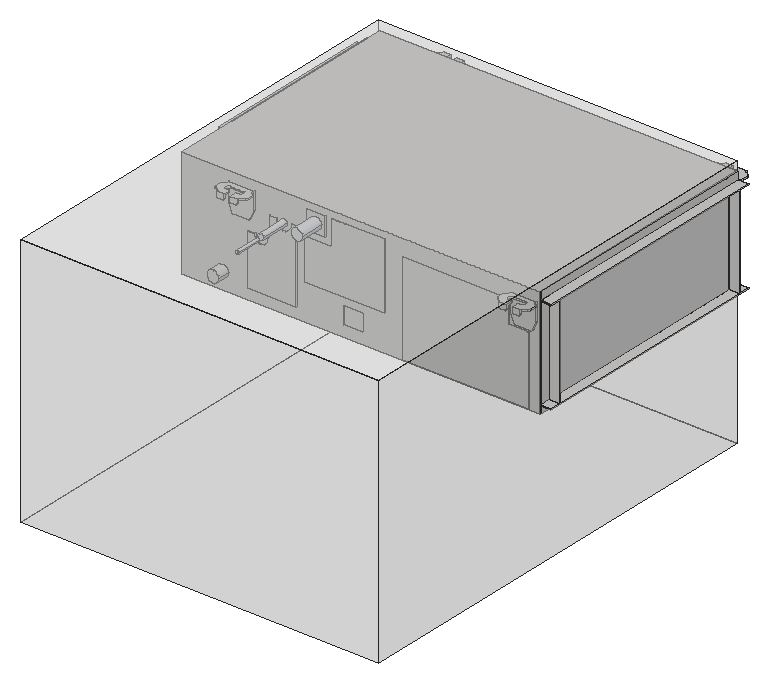
Revit family "outputfile", category 機械設備, Revit 2024
Family settings
  丸型コネクタ寸法 = 半径を使用
  パーツ タイプ = 標準
  OmniClass 番号 = 23.75.10.24.21.27.27
  OmniClass タイトル = Split System Air Conditioning Units
  作業面ベース = いいえ
  常に垂直 = はい
  ロード時にボイドで切り取り = いいえ
  注釈の向きを維持 = いいえ
  共有 = いいえ
  部屋計算ポイント = はい
Parameters (values of type "FXSQ20PAV4")
  Description = ""
  製造元 = "Daikin"
  書き出し IFC クラス(タイプ) = "IfcUnitaryEquipmentType"
  定義済み IFC タイプ(タイプ) = "AIRCONDITIONINGUNIT"
  Cost = 0
  モデル = "FXSQ20PAV4"
  Type Comments = ""
  Keynote = ""
  Type Image = (empty or 0)
  Assembly Code = ""
  r_Liquid Pipe Size = Liquid Pipe Size / 2  # 3.2 mm
  r_Gas Pipe Size = Gas Pipe Size / 2  # 6.35 mm
  r_Drain Pipe Size = Drain Pipe Size / 2  # 12.5 mm
  lw_power = 770.0 mm  # constant formula
  lh_SA = 138.0 mm  # constant formula
  lw_SA = if(Depth = 550.0 mm, 225.0 mm, if(Depth = 700.0 mm, 300.0 mm, if(Depth = 1000.0 mm, 450.0 mm, if(Depth = 1400.0 mm, 650.0 mm, 725.0 mm))))  # 225.0 mm
  lw_RA = if(Depth = 550.0 mm, 275.0 mm, if(Depth = 700.0 mm, 349.0 mm, if(Depth = 1000.0 mm, 499.0 mm, if(Depth = 1400.0 mm, 699.0 mm, 775.0 mm))))  # 275.0 mm
  lh_power = 60.0 mm + [h***]  # 60.0 mm
  lh_mountinghole1 = lh_mountinghole + [h***]  # 222.0 mm
  lh_RA = 123.0 mm  # constant formula
  ld_power = Depth / 2  # 275.0 mm
  Voltage_comment_60Hz = "220"
  Voltage_comment_50Hz = "220-240"
  Voltage_60Hz = 220 V
  Voltage_50Hz = 220 V
  URL = ""
  Supply Air Direction [instance] = yes
  Sound Power Level_H speed (dB) = 61
  Phase_60Hz = 1
  Phase_50Hz = 1
  Minimum External Static Pressure = 30.00 Pa
  Minimum Circuit Amps_60Hz = 0.8 A
  Minimum Circuit Amps_50Hz = 0.8 A
  Maximum Fuse Amps_60Hz = 16.0 A
  Maximum Fuse Amps_50Hz = 16.0 A
  Maximum External Static Pressure = 150.00 Pa
  Material_Casing = DAIKIN_GalvanizedSteel_Casing_indoorunit
  lw_mountinghole = 630.0 mm  # constant formula
  lh_gaspipe = 183.0 mm + [h***]  # 183.0 mm
  lh_mountinghole = 222.0 mm  # constant formula
  lh_liquidpipe = 136.0 mm + [h***]  # 136.0 mm
  lh_drainpipe = 207.0 mm + [h***]  # 207.0 mm
  lh_antena = Height - lh_mountinghole + 1.0 mm  # 24.0 mm
  ld_drainpipe = Depth / 2 + 53.0 mm  # 328.0 mm
  ld_liquidpipe = Depth / 2 + 69.0 mm  # 344.0 mm
  ld_gaspipe = Depth / 2 + 65.0 mm  # 340.0 mm
  ld_mountinghole = Depth + 38.0 mm  # 588.0 mm
  h*** = 0.0 mm  # constant formula
  lw_liquidpipe = 179.0 mm  # constant formula
  lw_gaspipe = 229.0 mm  # constant formula
  lw_drainpipe = 300.0 mm  # constant formula
  Width = 800.0 mm
  Version = "ver.1.0"
  Unit Type = "Middle Static Pressure Duct Type"
  Unit Mass Weight = 25.00 kg
  Unit Designation [instance] = ""
  Uniclass2015Version = "Products v1.30"
  Uniclass2015Title = "Variable refrigerant flow units"
  Uniclass2015Code = "Pr_70_65_03_94"
  Total Heating Capacity [instance] = 0.000 kW
  Total Cooling Capacity [instance] = 0.000 kW
  Sound Pressure Level_M speed (dBA) = 0
  Sound Pressure Level_L speed (dBA) = 28
  Sound Pressure Level_H speed (dBA) = 33
  Series = "VRV Fan Coil Unit"
  Sensible Cooling Capacity [instance] = 0.000 kW
  SA Duct Size Width = if(Depth = 550.0 mm, 337.0 mm, if(Depth = 700.0 mm, 492.0 mm, if(Depth = 1000.0 mm, 792.0 mm, if(Depth = 1400.0 mm, 1192.0 mm, 1337.0 mm))))  # 337.0 mm
  SA Duct Size Height = 176.0 mm
  Refrigerant Type = "R410A"
  RA Duct Size Width = if(Depth = 550.0 mm, 502.0 mm, if(Depth = 700.0 mm, 654.0 mm, if(Depth = 1000.0 mm, 952.0 mm, if(Depth = 1400.0 mm, 1352.0 mm, 1502.0 mm))))  # 502.0 mm
  RA Duct Size Height = 208.0 mm
  Power Input (Heating) = 0.099 kW
  Power Input (Cooling) = 0.104 kW
  Option Accessory 3 [instance] = ""
  Option Accessory 2 [instance] = ""
  Option Accessory 1 [instance] = ""
  Nominal Heating Capacity = 2.500 kW
  Nominal Cooling Capacity = 2.200 kW
  Minimum Airflow = 390.00 m³/h
  Median Airflow = 450.00 m³/h
  Maximum Airflow = 540.00 m³/h
  Load Classification = HVAC
  Liquid Pipe Size = 6.4 mm
  Link_Nested Family [instance] = ""
  IfcVersion = "0"
  IfcExportType = "AIRCONDITIONINGUNIT"
  IfcExportAs = "IfcUnitaryEquipmentType"
  Height = 245.0 mm
  Heating Entering Wet Bulb Temperature [instance] = 0.00 °C
  Heating Entering Dry Bulb Temperature [instance] = 0.00 °C
  Heating Ambient Wet Bulb Temperature [instance] = 0.00 °C
  Heating Ambient Dry Bulb Temperature [instance] = 0.00 °C
  Heat Exchanger Type = "Cross Fin Coil"
  Gas Pipe Size = 12.7 mm
  Frequency_60Hz = 60 Hz
  Frequency_50Hz = 50 Hz
  Fan Type = "Sirocco Fan"
  Fan Drive = "Direct Drive"
  FCU Tag No. [instance] = ""
  Drain Pipe Size = 25.0 mm
  Design Supply Airflow [instance] = 0.00 m³/h
  Design Return Airflow [instance] = 0.00 m³/h
  Design External Static Pressure [instance] = 0.00 Pa
  Depth = 550.0 mm
  既定の高さ = 0.0 mm
  Cooling Entering Wet Bulb Temperature [instance] = 0.00 °C
  Cooling Entering Dry Bulb Temperature [instance] = 0.00 °C
  Cooling Ambient Wet Bulb Temperature [instance] = 0.00 °C
  Cooling Ambient Dry Bulb Temperature [instance] = 0.00 °C
  Clearance visibility [instance] = yes
  Clearance Top = 20.0 mm
  Clearance Right = 0.0 mm
  Clearance Rear = 0.0 mm
  Clearance Left = 0.0 mm
  Clearance Front = 450.0 mm
  Clearance Bottom = 300.0 mm
Reference planes
  plane 1 "Center (Front/Back)": y = 0
  plane 2 "h": z = 0
  plane 3 "Center (Left/Right)": x = 0
  plane 4 "Back": y = 275
  plane 5 "Front": y = -275
  plane 6 "Left": x = -400
  plane 7 "Reight": x = 400
  plane 8 "Top": z = 0
  plane 9 "Bottom": z = -245
  plane 10: y = -215
  plane 11: y = 275
  plane 12: y = -725
  plane 13: x = -400
  plane 14: x = 400
  plane 15: z = 20
  plane 16: z = -545
  plane 17: x = -400
  plane 18: x = -399
  plane 19: x = 399
  plane 20: y = 50
  plane 21: y = 0
  plane 22: z = -122
  plane 23: y = -276
  plane 24: z = -109
  plane 25: x = -221
  plane 26: y = -340
  plane 27: z = -62
  plane 28: x = -171
  plane 29: y = -328
  plane 30: z = -38
  plane 31: x = -100
  plane 32: x = -100
  plane 33: x = -221
  plane 34: x = -171
  plane 35: x = 370
  plane 36: x = -266
  plane 37: x = 364
  plane 38: y = -294
  plane 39: y = 294
  plane 40: z = -23
  plane 41: z = -107
  plane 42: y = -344
  plane 43: z = -207
  plane 44: x = -309
  plane 45: y = -301
  plane 46: x = -251
  plane 47: x = -203
  plane 48: x = -144
  plane 49: z = -59
  plane 50: z = -106
  plane 51: z = -221
  plane 52: z = -109
  plane 53: x = -221
  plane 54: z = -62
  plane 55: x = -171
  plane 56: z = -17
  plane 57: z = -59
  plane 58: x = -121
  plane 59: x = -79
  plane 60: x = -125
  plane 61: x = -64
  plane 62: x = 53
  plane 63: z = -164
  plane 64: z = -73
  plane 65: z = -16
  plane 66: x = 93.5
  plane 67: x = 374.5
  plane 68: x = 330
  plane 69: z = -88.5
  plane 70: z = -38
  plane 71: z = -242.5
  plane 72: x = -38.5
  plane 73: x = 6.5
  plane 74: z = -181
  plane 75: z = -221
  plane 76: y = -274
  plane 77: x = -424
  plane 78: x = 424
Forms (mm)
  Extrusion 1, solid, material "DAIKIN_GalvanizedSteel_Casing_indoorunit" <- "Material_Casing"
    sketch origin (0, 0, 0) x (1, 0, 0) y (0, 1, 0)
      loop
        line (-399, 275) -> (-399, -275) -> (399, -275) -> (399, 275) -> (-399, 275)
    from -245 to 0
  Extrusion 2, solid, material "DAIKIN_GalvanizedSteel_Casing_indoorunit" <- "Material_Casing"
    sketch origin (0, 0, 0) x (1, 0, 0) y (0, 0, 1)
      loop
        line (-251, -221) -> (-144, -221) -> (-144, -59) -> (-154.47, -59)
        arc (-154.47, -59) -> (-171, -78.8) -> (-187.53, -59) r 16.8
        line (-187.53, -59) -> (-203, -59) -> (-203, -106) -> (-206.916, -106)
        arc (-206.916, -106) -> (-221, -123.4) -> (-235.084, -106) r 14.4
        line (-235.084, -106) -> (-251, -106) -> (-251, -221)
    from 275 to 276
  Extrusion 3, solid, material "DAIKIN_GalvanizedSteel_Casing_indoorunit" <- "Material_Casing"
    sketch origin (0, 0, 0) x (1, 0, 0) y (0, 0, 1)
      loop
        line (-121, -17) -> (-121, -59) -> (-79, -59) -> (-79, -17) -> (-121, -17)
      loop
        line (-125, -73) -> (-125, -164) -> (53, -164) -> (53, -16) -> (-64, -16) -> (-64, -73) -> (-125, -73)
    from 275 to 276
  Extrusion 4, solid, material "DAIKIN_GalvanizedSteel_Casing_indoorunit" <- "Material_Casing"
    sketch origin (0, 0, 0) x (1, 0, 0) y (0, 0, 1)
      loop
        line (93.5, -38) -> (93.5, -242.5) -> (374.5, -242.5) -> (374.5, -88.5) -> (330, -88.5) -> (330, -38) -> (93.5, -38)
    from 275 to 276
  Extrusion 5, solid
    sketch origin (0, 0, 0) x (1, 0, 0) y (0, 0, 1)
      loop
        circle (-221, -109) r 3.2
    from 275 to 344
  Extrusion 6, solid
    sketch origin (0, 0, 0) x (1, 0, 0) y (0, 0, 1)
      loop
        circle (-171, -62) r 6.35
    from 275 to 340
  Extrusion 7, solid
    sketch origin (0, 0, 0) x (1, 0, 0) y (0, 0, 1)
      loop
        circle (-100, -38) r 12.5
    from 276 to 328
  Extrusion 8, solid, material "DAIKIN_GalvanizedSteel_Casing_indoorunit" <- "Material_Casing"
    sketch origin (0, 0, 0) x (1, 0, 0) y (0, 0, 1)
      loop
        circle (-309, -207) r 13
    from 275 to 301
  Extrusion 9, void
    sketch origin (0, 0, 0) x (1, 0, 0) y (0, 0, 1)
      loop
        line (-38.5, -181) -> (-38.5, -221) -> (6.5, -221) -> (6.5, -181) -> (-38.5, -181)
    from 274 to 275
Cuts and joins
  Extrusion 9 cuts Extrusion 1
Dimensions and locks
  "Height": plane 8 "Top" to plane 9 "Bottom"
  equal spacing: plane 4 "Back", plane 1 "Center (Front/Back)", plane 5 "Front"
  "Depth": plane 4 "Back" to plane 5 "Front"
  equal spacing: plane 6 "Left", plane 3 "Center (Left/Right)", plane 7 "Reight"
  "Width": plane 6 "Left" to plane 7 "Reight"
  "Clearance Left": plane 13 to plane 6 "Left"
  "Clearance Right": plane 7 "Reight" to plane 14
  "Clearance Rear": plane 11 to plane 4 "Back"
  "Clearance Front": plane 5 "Front" to plane 12
  "Clearance Top": plane 15 to plane 8 "Top"
  "Clearance Bottom": plane 9 "Bottom" to plane 16
  locked: plane 17 to plane 18 at 1
  locked: plane 19 to plane 14 at 1
  "lw_SA": plane 11 to plane 20
  "lw_RA": plane 21 to plane 5 "Front"
  "lh_RA": plane 22 to plane 9 "Bottom"
  locked: plane 5 "Front" to plane 23 at 1
  "lw_liquidpipe": plane 25 to plane 6 "Left"
  "lh_liquidpipe": plane 24 to plane 9 "Bottom"
  "lh_gaspipe": plane 27 to plane 9 "Bottom"
  "lw_gaspipe": plane 28 to plane 6 "Left"
  "ld_gaspipe": plane 26 to plane 1 "Center (Front/Back)"
  "ld_drainpipe": plane 29 to plane 1 "Center (Front/Back)"
  "lh_drainpipe": plane 30 to plane 9 "Bottom"
  "lw_drainpipe": plane 31 to plane 6 "Left"
  "lw_drainpipe": plane 6 "Left" to plane 32
  "lw_liquidpipe": plane 6 "Left" to plane 33
  "lw_gaspipe": plane 6 "Left" to plane 34
  "lw_power": plane 6 "Left" to plane 35
  locked: plane 17 to plane 36 at 134
  "lw_mountinghole": plane 36 to plane 37
  equal spacing: plane 38, plane 1 "Center (Front/Back)", plane 39
  "ld_mountinghole": plane 39 to plane 38
  "lh_mountinghole": plane 40 to plane 9 "Bottom"
  "lh_SA": plane 41 to plane 9 "Bottom"
  "ld_liquidpipe": plane 21 to plane 42
  locked: plane 44 to plane 6 "Left" at 91
  locked: plane 43 to plane 9 "Bottom" at 38
  locked: plane 5 "Front" to plane 45 at 26
  plane 48 to plane 47 to plane 46 to plane 6 "Left" = 59.0 mm, 48.0 mm, 149.0 mm
  plane 8 "Top" to plane 49 to plane 50 to plane 51 = 59.0 mm locked, 47.0 mm locked, 115.0 mm locked
  plane 55 to plane 53 to plane 6 "Left" = 50.0 mm locked, 179.0 mm locked
  plane 54 to plane 52 to plane 9 "Bottom" = 47.0 mm locked, 136.0 mm locked
  plane 59 to plane 58 to plane 6 "Left" = 42.0 mm locked, 279.0 mm locked
  plane 8 "Top" to plane 56 to plane 57 = 17.0 mm locked, 42.0 mm locked
  plane 62 to plane 61 to plane 60 to plane 6 "Left" = 117.0 mm, 61.0 mm, 275.0 mm
  plane 8 "Top" to plane 65 to plane 64 = 16.0 mm locked, 57.0 mm locked
  locked: plane 65 to plane 63 at 148
  plane 8 "Top" to plane 70 to plane 69 to plane 71 = 38.0 mm locked, 50.5 mm locked, 154.0 mm locked
  plane 67 to plane 68 to plane 66 to plane 6 "Left" = 44.5 mm locked, 236.5 mm locked, 493.5 mm locked
  plane 8 "Top" to plane 74 to plane 75 = 181.0 mm locked, 40.0 mm locked
  plane 73 to plane 72 to plane 6 "Left" = 45.0 mm, 361.5 mm
  locked: plane 76 to plane 5 "Front" at 1
  locked: plane 77 to plane 17 at 24
  locked: plane 14 to plane 78 at 24
  locked: Extrusion 4 sketch curve to plane 9 "Bottom" at 2.5
  "r_Liquid Pipe Size": radius of Extrusion 5 sketch curve
  "r_Gas Pipe Size": radius of Extrusion 6 sketch curve
  "r_Drain Pipe Size": radius of Extrusion 7 sketch curve
  aligned and locked: level to plane 2 "h"
  aligned and locked: plane 8 "Top" to Extrusion 1
  aligned and locked: Extrusion 1 to plane 9 "Bottom"
  aligned and locked: nested 5 to plane 12
  aligned and locked: plane 13 to nested 5
  aligned and locked: plane 14 to nested 5
  aligned and locked: nested 5 to plane 13
  aligned and locked: plane 11 to nested 5
  aligned and locked: plane 15 to nested 5
  aligned and locked: plane 16 to nested 5
  aligned and locked: plane 5 "Front" to Extrusion 1 sketch curve
  aligned and locked: Extrusion 1 to plane 18
  aligned and locked: plane 19 to Extrusion 1
  aligned and locked: nested 7 to plane 18
  aligned and locked: nested 7 to plane 20
  aligned and locked: plane 19 to nested 8
  aligned and locked: plane 21 to nested 8
  aligned and locked: plane 22 to nested 8
  aligned and locked: Extrusion 2 to plane 23
  aligned and locked: plane 5 "Front" to Extrusion 2
  aligned and locked: Extrusion 3 to plane 23
  aligned and locked: plane 5 "Front" to Extrusion 3
  aligned and locked: plane 5 "Front" to Extrusion 4
  aligned and locked: Extrusion 5 sketch curve to plane 25
  aligned and locked: plane 24 to Extrusion 5 sketch curve
  aligned and locked: plane 5 "Front" to Extrusion 5
  aligned and locked: Extrusion 6 sketch curve to plane 28
  aligned and locked: plane 27 to Extrusion 6 sketch curve
  aligned and locked: plane 5 "Front" to Extrusion 6
  aligned and locked: Extrusion 7 sketch curve to plane 31
  aligned and locked: Extrusion 7 sketch curve to plane 30
  aligned and locked: Extrusion 7 to plane 29
  aligned and locked: plane 23 to Extrusion 7
  aligned and locked: nested 3 to plane 29
  aligned and locked: plane 32 to nested 3
  aligned and locked: nested 2 to plane 33
  aligned and locked: nested 1 to plane 34
  aligned and locked: Extrusion 6 to plane 26
  aligned and locked: nested 1 to plane 26
  aligned and locked: nested 6 to plane 5 "Front"
  aligned and locked: plane 35 to nested 6
  aligned and locked: plane 36 to nested 10
  aligned and locked: nested 10 to plane 5 "Front"
  aligned and locked: plane 37 to nested 9
  aligned and locked: nested 9 to plane 5 "Front"
  aligned and locked: nested 11 to plane 36
  aligned and locked: plane 4 "Back" to nested 11
  aligned and locked: nested 12 to plane 37
  aligned and locked: plane 4 "Back" to nested 12
  aligned and locked: plane 40 to nested 10
  aligned and locked: plane 40 to nested 11
  aligned and locked: plane 40 to nested 9
  aligned and locked: plane 40 to nested 12
  aligned and locked: plane 36 to nested 14
  aligned and locked: nested 14 to plane 39
  aligned and locked: plane 37 to nested 13
  aligned and locked: nested 13 to plane 39
  aligned and locked: plane 37 to nested 16
  aligned and locked: plane 38 to nested 16
  aligned and locked: plane 38 to nested 15
  aligned and locked: plane 36 to nested 15
  aligned and locked: plane 17 to plane 6 "Left"
  aligned and locked: plane 41 to nested 7
  aligned and locked: Extrusion 5 to plane 42
  aligned and locked: nested 2 to plane 42
  aligned and locked: Extrusion 8 sketch curve to plane 44
  aligned and locked: plane 43 to Extrusion 8 sketch curve
  aligned and locked: plane 5 "Front" to Extrusion 8
  aligned and locked: plane 45 to Extrusion 8
  aligned and locked: Extrusion 3 sketch curve to plane 56
  aligned and locked: Extrusion 3 sketch curve to plane 58
  aligned and locked: plane 57 to Extrusion 3 sketch curve
  aligned and locked: plane 59 to Extrusion 3 sketch curve
  aligned and locked: Extrusion 4 to plane 23
  aligned and locked: Extrusion 9 sketch curve to plane 74
  aligned and locked: plane 75 to Extrusion 9 sketch curve
  aligned and locked: plane 73 to Extrusion 9 sketch curve
  aligned and locked: plane 5 "Front" to Extrusion 9
  aligned and locked: plane 76 to Extrusion 9
  aligned and locked: nested 17 to plane 20
  aligned and locked: nested 17 to plane 77
  aligned and locked: plane 21 to nested 18
  aligned and locked: plane 78 to nested 18
  aligned and locked: plane 41 to nested 17
  aligned and locked: nested 18 to plane 22
  aligned and locked: nested 4 to plane 3 "Center (Left/Right)"
  aligned and locked: plane 1 "Center (Front/Back)" to nested 4
  aligned and locked: level to plane 8 "Top"
Automatic sketch dimensions
  plane 6 "Left" to Extrusion 1 sketch curve = 1.0 mm
  Extrusion 1 sketch curve to plane 7 "Reight" = 1.0 mm
  Extrusion 1 sketch curve to plane 4 "Back" = 0.0 mm
  Extrusion 2 sketch curve to plane 46 = 0.0 mm
  Extrusion 2 sketch curve to plane 33 = 0.0 mm
  Extrusion 2 sketch curve to plane 47 = 0.0 mm
  Extrusion 2 sketch curve to plane 34 = 0.0 mm
  Extrusion 2 sketch curve to plane 48 = 0.0 mm
  Extrusion 2 sketch curve to plane 52 = 0.0 mm
  Extrusion 2 sketch curve to plane 50 = 0.0 mm  (x3)
  Extrusion 2 sketch curve to plane 54 = 0.0 mm
  Extrusion 2 sketch curve to plane 49 = 0.0 mm  (x3)
  plane 33 to Extrusion 2 sketch curve = 14.084 mm
  plane 34 to Extrusion 2 sketch curve = 16.53 mm
  Extrusion 3 sketch curve to plane 60 = 0.0 mm
  Extrusion 3 sketch curve to plane 61 = 0.0 mm
  Extrusion 3 sketch curve to plane 62 = 0.0 mm
  Extrusion 3 sketch curve to plane 64 = 0.0 mm
  Extrusion 3 sketch curve to plane 65 = 0.0 mm
  Extrusion 4 sketch curve to plane 66 = 0.0 mm
  Extrusion 4 sketch curve to plane 68 = 0.0 mm
  Extrusion 4 sketch curve to plane 67 = 0.0 mm
  Extrusion 4 sketch curve to plane 69 = 0.0 mm
  Extrusion 4 sketch curve to plane 70 = 0.0 mm
  Extrusion 9 sketch curve to plane 72 = 0.0 mm
  Extrusion 2 sketch curve to plane 51 = 0.0 mm
  Extrusion 3 sketch curve to plane 63 = 0.0 mm
  radius of Extrusion 8 sketch curve = 13.0 mm
Nested families
  nested 1: "daikin_connector_rotate2" at (-171, 0, -62), length <- "ld_gaspipe", built-in parameter 1001364 <- "lh_gaspipe", radius <- "r_Gas Pipe Size", type "daikin_connector_rotate2"
    with radius 6.35 mm, length 340.0 mm, angle_vertical 90.00°
  nested 2: "daikin_connector_rotate2" at (-221, 0, -109), length <- "ld_liquidpipe", built-in parameter 1001364 <- "lh_liquidpipe", radius <- "r_Liquid Pipe Size", type "daikin_connector_rotate2"
    with radius 3.2 mm, length 344.0 mm, angle_vertical 90.00°
  nested 3: "daikin_connector_rotate2" at (-100, 0, -38), length <- "ld_drainpipe", built-in parameter 1001364 <- "lh_drainpipe", radius <- "r_Drain Pipe Size", type "daikin_connector_rotate2"
    with radius 12.5 mm, length 328.0 mm, angle_vertical 90.00°
  nested 4: "daikin_△_symbolicline" at (0, 0, 245) x (0, -1, 0) z (0, 0, 1), built-in parameter 1001364 <- "Height", visible <- "Supply Air Direction", type "daikin_△_symbolicline"
    with length 200.0 mm
  nested 5: "daikin_clearancespace" at (0, -225, -262.381), visible <- "Clearance visibility", show <- "Clearance visibility", Link_Nested Family <- "Link_Nested Family", type "daikin_clearancespace"
    with width 800.0 mm, show yes, height 565.0 mm, depth 1000.0 mm, Link_Nested Family ""
  nested 6: "daikin_connector_rotate2" at (370, 0, -185), built-in parameter 1001364 <- "lh_power", length <- "ld_power", type "daikin_connector_rotate2"
    with radius 10.0 mm, length 275.0 mm, angle_vertical 90.00°
  nested 7: "daikin_ductflange_FXSQ-PAV4_2" at (-399, 50, -107) x (0, -1, 0) z (0, 0, 1), type "daikin_ductflange_FXSQ-PAV4_2"
  nested 8: "daikin_ductflange_FXSQ-PAV4_1" at (399, 0, -122) x (0, 1, 0) z (0, 0, 1), type "daikin_ductflange_FXSQ-PAV4_1"
  nested 9: "daikin_hangerfixture_FXSQ-PAV4" at (364, -275, -23), type "daikin_hangerfixture_FXSQ-PAV4"
  nested 10: "daikin_hangerfixture_FXSQ-PAV4" at (-266, -275, -23), type "daikin_hangerfixture_FXSQ-PAV4"
  nested 11: "daikin_hangerfixture_FXSQ-PAV4" at (-266, 275, -23) x (-1, 0, 0) z (0, 0, 1), type "daikin_hangerfixture_FXSQ-PAV4"
  nested 12: "daikin_hangerfixture_FXSQ-PAV4" at (364, 275, -23) x (-1, 0, 0) z (0, 0, 1), type "daikin_hangerfixture_FXSQ-PAV4"
  nested 13: "daikin_mountinghole" at (364, 294, -245), h_mountinghole <- "lh_mountinghole1", l_antenna <- "lh_antena", Link_Nested Family <- "Link_Nested Family", type "daikin_mountinghole"
    with show yes, l_antenna 24.0 mm, h_mountinghole 222.0 mm, Link_Nested Family ""
  nested 14: "daikin_mountinghole" at (-266, 294, -245), h_mountinghole <- "lh_mountinghole1", l_antenna <- "lh_antena", Link_Nested Family <- "Link_Nested Family", type "daikin_mountinghole"
    with show yes, l_antenna 24.0 mm, h_mountinghole 222.0 mm, Link_Nested Family ""
  nested 15: "daikin_mountinghole" at (-266, -294, -245), h_mountinghole <- "lh_mountinghole1", l_antenna <- "lh_antena", Link_Nested Family <- "Link_Nested Family", type "daikin_mountinghole"
    with show yes, l_antenna 24.0 mm, h_mountinghole 222.0 mm, Link_Nested Family ""
  nested 16: "daikin_mountinghole" at (364, -294, -245), h_mountinghole <- "lh_mountinghole1", l_antenna <- "lh_antena", Link_Nested Family <- "Link_Nested Family", type "daikin_mountinghole"
    with show yes, l_antenna 24.0 mm, h_mountinghole 222.0 mm, Link_Nested Family ""
  nested 17: "daikin_connector_rotate2" at (-400, 50, -107) x (0, -1, 0) z (0, 0, 1), type "daikin_connector_rotate2"
    with radius 10.0 mm, length 24.0 mm, angle_vertical 90.00°
  nested 18: "daikin_connector_rotate2" at (400, 0, -122) x (0, 1, 0) z (0, 0, 1), type "daikin_connector_rotate2"
    with radius 10.0 mm, length 24.0 mm, angle_vertical 90.00°
Connectors
  piping at (-100, -328, -38), diameter 25, driven by "r_Drain Pipe Size"
    settings: on nested 3, index 3, connector inside diameter 609.6 mm, connector length 0.0 mm, flow factor 0, pipe flow 0.00 m³/h, pressure drop 0.0 Pa, fitting loss kfactor 0, connector angle 0.00°, fixture units 0, engagement length 0.0 mm, angle of deflection 0.00°, flow configuration 1, flow direction 2, fitting loss method 4, system type 16, joint type 0, gender type 0, connector reference index -1, connector utility 0, adjustable connector no, is connector primary yes, connector description "Condensate Drain Piping"
  piping at (-171, -340, -62), diameter 12.7, driven by "r_Gas Pipe Size"
    settings: on nested 1, index 4, connector inside diameter 609.6 mm, connector length 0.0 mm, flow factor 0, pipe flow 0.00 m³/h, pressure drop 0.0 Pa, fitting loss kfactor 0, connector angle 0.00°, fixture units 0, engagement length 0.0 mm, angle of deflection 0.00°, flow configuration 1, flow direction 2, fitting loss method 0, system type 29, joint type 0, gender type 0, connector reference index -1, connector utility 0, adjustable connector no, is connector primary no, connector description "Refrigerant Gas Piping"
  piping at (-221, -344, -109), diameter 6.4, driven by "r_Liquid Pipe Size"
    settings: on nested 2, index 5, connector inside diameter 609.6 mm, connector length 0.0 mm, flow factor 0, pipe flow 0.00 m³/h, pressure drop 0.0 Pa, fitting loss kfactor 0, connector angle 0.00°, fixture units 0, engagement length 0.0 mm, angle of deflection 0.00°, flow configuration 1, flow direction 1, fitting loss method 0, system type 29, joint type 0, gender type 0, connector reference index -1, connector utility 0, adjustable connector no, is connector primary no, connector description "Refrigerant Liquid Piping"
  electrical at (370, -275, -185), driven by "Load Classification"
    settings: on nested 6, index 6, voltage 0 V, apparent load 0 VA, apparent load phase1 0 VA, apparent load phase2 0 VA, apparent load phase3 0 VA, power factor 1, load classification "HVAC", number of poles 1, system type 30, power factor state 1, is connector primary yes, connector utility no, sub classification motor no, connector description "Power Supply"
  hvac at (-424, 50, -107), driven by "SA Duct Size Height", driven by "SA Duct Size Width"
    settings: on nested 17, index 7, duct flow 0.00 m³/h, flow factor 0, pres drop 0.00 Pa, loss coef 0, conn angle 0.00°, conn width 337.0 mm, conn height 176.0 mm, conn diameter 609.6 mm, duct sys type 1, conn prof type 1, flow config 0, flow direction 2, loss method 4, conn ref index -1, conn util no, is conn primary yes, conn desc "SA Duct"
  hvac at (424, 0, -122), driven by "RA Duct Size Height", driven by "RA Duct Size Width"
    settings: on nested 18, index 8, duct flow 0.00 m³/h, flow factor 0, pres drop 0.00 Pa, loss coef 0, conn angle 0.00°, conn width 502.0 mm, conn height 208.0 mm, conn diameter 609.6 mm, duct sys type 2, conn prof type 1, flow config 0, flow direction 1, loss method 4, conn ref index -1, conn util no, is conn primary no, conn desc "RA Duct"
Definition of nested family "daikin_clearancespace"
  Parameters (values of type "daikin_clearancespace")
    width [instance] = 1823.963 mm
    show [instance] = yes
    material = none
    height [instance] = 1359.762 mm
    depth [instance] = 880.0 mm
    Default Elevation = 0.0 mm
    Link_Nested Family [instance] = ""
  Reference planes
    plane 1 "Center (Front/Back)": y = 0
    plane 2 "Center (Elevation)": z = -0.119
    plane 3 "Center (Left/Right)": x = 0
    plane 4: y = 440
    plane 5: y = -440
    plane 6 "Right": x = 911.982
    plane 7 "Left": x = -911.982
    plane 8 "Top": z = 679.762
    plane 9 "Bottom": z = -680
  Forms (mm)
    Extrusion 1, solid, material <- "material", visible <- "show"
      sketch origin (0, 0, 0) x (1, 0, 0) y (0, 1, 0)
        loop
          line (-911.982, 440) -> (-911.982, -440) -> (911.982, -440) -> (911.982, 440) -> (-911.982, 440)
      from -680 to 679.762
  Lines and regions (mm)
    symbolic lines, visible <- "show"
      curve 1: line (911.982, 440, 0) -> (-911.982, 440, 0)
      curve 2: line (-911.982, 440, 0) -> (-911.982, -440, 0)
      curve 3: line (-911.982, -440, 0) -> (911.982, -440, 0)
      curve 4: line (911.982, -440, 0) -> (911.982, 440, 0)
      curve 5: line (911.982, 0, 679.762) -> (-911.982, 0, 679.762)
      curve 6: line (911.982, 0, -680) -> (911.982, 0, 679.762)
      curve 7: line (-911.982, 0, -680) -> (911.982, 0, -680)
      curve 8: line (-911.982, 0, 679.762) -> (-911.982, 0, -680)
      curve 9: line (0, 440, 679.762) -> (0, -440, 679.762)
      curve 10: line (0, -440, 679.762) -> (0, -440, -680)
      curve 11: line (0, 440, -680) -> (0, 440, 679.762)
      curve 12: line (0, -440, -680) -> (0, 440, -680)
  Dimensions and locks
    "width": plane 7 "Left" to plane 6 "Right"
    "depth": plane 4 to plane 5
    "height": plane 8 "Top" to plane 9 "Bottom"
    equal spacing: plane 7 "Left", plane 3 "Center (Left/Right)", plane 6 "Right"
    equal spacing: plane 4, plane 1 "Center (Front/Back)", plane 5
    equal spacing: plane 8 "Top", plane 2 "Center (Elevation)", plane 9 "Bottom"
    aligned and locked: level to plane 2 "Center (Elevation)"
    aligned and locked: Extrusion 1 sketch curve to plane 4
    aligned and locked: plane 7 "Left" to Extrusion 1 sketch curve
    aligned and locked: Extrusion 1 sketch curve to plane 5
    aligned and locked: Extrusion 1 sketch curve to plane 6 "Right"
    aligned and locked: plane 8 "Top" to Extrusion 1
    aligned and locked: curve 1 to Extrusion 1
    aligned and locked: curve 2 to Extrusion 1
    aligned and locked: curve 3 to Extrusion 1
    aligned and locked: curve 4 to Extrusion 1
    aligned and locked: curve 5 to Extrusion 1
    aligned and locked: curve 6 to Extrusion 1
    aligned and locked: curve 7 to Extrusion 1
    aligned and locked: curve 8 to Extrusion 1
    aligned and locked: curve 9 to Extrusion 1
    aligned and locked: curve 10 to Extrusion 1
    aligned and locked: curve 11 to Extrusion 1
    aligned and locked: curve 12 to Extrusion 1
    aligned and locked: Extrusion 1 to plane 9 "Bottom"
Definition of nested family "daikin_ductflange_FXSQ-PAV4_2"
  Parameters (values of type "daikin_ductflange_FXMQ-PAVE2")
    width = if(w = 550.0 mm, 337.0 mm, if(w = 700.0 mm, 492.0 mm, if(w = 1000.0 mm, 792.0 mm, if(w = 1400.0 mm, 1192.0 mm, 1337.0 mm))))  # 337.0 mm
    material = none
    height = 215.0 mm
    depth = 1.0 mm
    w = 550.0 mm
    Default Elevation = 0.0 mm
  Reference planes
    plane 1 "Center (Front/Back)": y = 0
    plane 2: z = 0
    plane 3 "Center (Left/Right)": x = 0
    plane 4: z = 88
    plane 5: z = -88
    plane 6: y = -25
    plane 7: z = 106
    plane 8: z = 89
    plane 9: y = -1
    plane 10: x = -192.5
    plane 11: x = 192.5
    plane 12: z = -106
    plane 13: z = -89
    plane 14: y = -1
    plane 15: x = 168.5
    plane 16: x = -168.5
    plane 17: x = 169.5
    plane 18: z = 87
    plane 19: z = -87
    plane 20: x = -169.5
    plane 21: z = 87
    plane 22: z = -87
    plane 23: y = -1
  Forms (mm)
    Extrusion 1, solid, material <- "material"
      sketch origin (0, 0, 0) x (0, 1, 0) y (0, 0, 1)
        loop
          line (-25, 88) -> (0, 88) -> (0, 106) -> (-1, 106) -> (-1, 89) -> (-25, 89) -> (-25, 88)
      from -192.5 to 192.5
    Extrusion 2, solid, material <- "material"
      sketch origin (0, 0, 0) x (0, 1, 0) y (0, 0, 1)
        loop
          line (-25, -88) -> (-25, -89) -> (-1, -89) -> (-1, -106) -> (0, -106) -> (0, -88) -> (-25, -88)
      from -192.5 to 192.5
    Extrusion 3, solid, material <- "material"
      sketch origin (0, 0, 0) x (1, 0, 0) y (0, 0, 1)
        loop
          line (168.5, 88) -> (168.5, -88) -> (192.5, -88) -> (192.5, -87) -> (169.5, -87) -> (169.5, 87) -> (192.5, 87) -> (192.5, 88) -> (168.5, 88)
      from 0 to 25
    Extrusion 4, solid, material <- "material"
      sketch origin (0, 0, 0) x (1, 0, 0) y (0, 0, 1)
        loop
          line (-192.5, 88) -> (-192.5, 87) -> (-169.5, 87) -> (-169.5, -87) -> (-192.5, -87) -> (-192.5, -88) -> (-168.5, -88) -> (-168.5, 88) -> (-192.5, 88)
      from 0 to 25
    Extrusion 5, solid, material <- "material"
      sketch origin (0, 0, 0) x (1, 0, 0) y (0, 0, 1)
        loop
          line (-192.5, 88) -> (-192.5, -88) -> (-168.5, -88) -> (-168.5, 88) -> (-192.5, 88)
        loop
          line (192.5, 88) -> (168.5, 88) -> (168.5, -88) -> (192.5, -88) -> (192.5, 88)
      from 0 to 1
  Cuts and joins
    joined: Extrusion 1, Extrusion 2, Extrusion 3, Extrusion 4, Extrusion 5
  Dimensions and locks
    plane 4 to level to plane 5 = 88.0 mm, 88.0 mm
    locked: plane 6 to plane 1 "Center (Front/Back)" at 25
    locked: plane 9 to plane 1 "Center (Front/Back)" at 1
    locked: plane 8 to plane 4 at 1
    locked: plane 16 to plane 10 at 24
    locked: plane 17 to plane 15 at 1
    locked: plane 4 to plane 18 at 1
    locked: plane 19 to plane 5 at 1
    "width": plane 15 to plane 16
    plane 4 to plane 5 = 176.0 mm
    locked: plane 16 to plane 20 at 1
    locked: plane 4 to plane 21 at 1
    locked: plane 22 to plane 5 at 1
    locked: plane 23 to plane 1 "Center (Front/Back)" at 1
    plane 4 to level to plane 5 = 88.0 mm locked, 88.0 mm locked
    locked: plane 5 to plane 13 at 1
    locked: plane 5 to plane 12 at 18
    locked: plane 7 to plane 4 at 18
    equal spacing: plane 15, plane 3 "Center (Left/Right)", plane 16
    locked: plane 11 to plane 15 at 24
    plane 11 to plane 10 = 385.0 mm
    aligned and locked: level to plane 2
    aligned and locked: Extrusion 1 to plane 10
    aligned and locked: plane 11 to Extrusion 1
    aligned and locked: plane 5 to Extrusion 2
    aligned and locked: Extrusion 2 to plane 1 "Center (Front/Back)"
    aligned and locked: plane 15 to Extrusion 3 sketch curve
    aligned and locked: Extrusion 3 sketch curve to Extrusion 2  (x2)
    aligned and locked: Extrusion 3 sketch curve to plane 11
    aligned and locked: plane 6 to Extrusion 3
    aligned and locked: Extrusion 2 to plane 10
    aligned and locked: plane 11 to Extrusion 2
    aligned and locked: Extrusion 4 sketch curve to Extrusion 1  (x2)
    aligned and locked: plane 5 to Extrusion 4 sketch curve
    aligned and locked: Extrusion 4 sketch curve to plane 16
    aligned and locked: Extrusion 4 sketch curve to plane 22
    aligned and locked: plane 20 to Extrusion 4 sketch curve
    aligned and locked: plane 21 to Extrusion 4 sketch curve
    aligned and locked: Extrusion 4 to plane 1 "Center (Front/Back)"
    aligned and locked: plane 6 to Extrusion 4
    aligned and locked: Extrusion 5 sketch curve to Extrusion 1  (x4)
    aligned and locked: Extrusion 5 sketch curve to Extrusion 4  (x2)
    aligned and locked: Extrusion 5 sketch curve to Extrusion 3  (x2)
    aligned and locked: Extrusion 5 to plane 1 "Center (Front/Back)"
    aligned and locked: plane 23 to Extrusion 5
  Automatic sketch dimensions
    Extrusion 1 sketch curve to plane 6 = 0.0 mm
    Extrusion 1 sketch curve to plane 7 = 0.0 mm
    Extrusion 1 sketch curve to plane 9 = 0.0 mm
    Extrusion 1 sketch curve to plane 1 "Center (Front/Back)" = 0.0 mm
    Extrusion 1 sketch curve to plane 4 = 0.0 mm
    Extrusion 1 sketch curve to plane 8 = 0.0 mm
    Extrusion 2 sketch curve to plane 6 = 0.0 mm
    plane 12 to Extrusion 2 sketch curve = 0.0 mm
    Extrusion 2 sketch curve to plane 14 = 0.0 mm
    Extrusion 2 sketch curve to plane 1 "Center (Front/Back)" = 0.0 mm
    plane 13 to Extrusion 2 sketch curve = 0.0 mm
    Extrusion 2 sketch curve to plane 5 = 0.0 mm
    Extrusion 3 sketch curve to plane 17 = 0.0 mm
    Extrusion 3 sketch curve to plane 19 = 0.0 mm
    Extrusion 3 sketch curve to plane 18 = 0.0 mm
    Extrusion 3 sketch curve to plane 4 = 0.0 mm
    Extrusion 4 sketch curve to plane 10 = 0.0 mm
Definition of nested family "daikin_ductflange_FXSQ-PAV4_1"
  Parameters (values of type "daikin_ductflange_FXMQ-PAVE")
    width = if(w = 550.0 mm, 502.0 mm, if(w = 700.0 mm, 654.0 mm, if(w = 1000.0 mm, 952.0 mm, if(w = 1400.0 mm, 1352.0 mm, 1502.0 mm))))  # 502.0 mm
    material = none
    height = 208.0 mm
    depth = 1.0 mm
    w = 550.0 mm
    Default Elevation = 0.0 mm
  Reference planes
    plane 1 "Center (Front/Back)": y = 0
    plane 2: z = 0
    plane 3 "Center (Left/Right)": x = 0
    plane 4: z = 104
    plane 5: z = -104
    plane 6: y = -25
    plane 7: z = 121
    plane 8: z = 105
    plane 9: y = -1
    plane 10: x = -275
    plane 11: x = 275
    plane 12: z = -122
    plane 13: z = -105
    plane 14: y = -1
    plane 15: x = 251
    plane 16: x = -251
    plane 17: x = 252
    plane 18: z = 103
    plane 19: z = -103
    plane 20: x = -252
    plane 21: z = 103
    plane 22: z = -103
    plane 23: y = -1
  Forms (mm)
    Extrusion 1, solid, material <- "material"
      sketch origin (0, 0, 0) x (0, 1, 0) y (0, 0, 1)
        loop
          line (-25, 104) -> (0, 104) -> (0, 121) -> (-1, 121) -> (-1, 105) -> (-25, 105) -> (-25, 104)
      from -275 to 275
    Extrusion 2, solid, material <- "material"
      sketch origin (0, 0, 0) x (0, 1, 0) y (0, 0, 1)
        loop
          line (-25, -104) -> (-25, -105) -> (-1, -105) -> (-1, -122) -> (0, -122) -> (0, -104) -> (-25, -104)
      from -275 to 275
    Extrusion 3, solid, material <- "material"
      sketch origin (0, 0, 0) x (1, 0, 0) y (0, 0, 1)
        loop
          line (251, 104) -> (251, -104) -> (275, -104) -> (275, -103) -> (252, -103) -> (252, 103) -> (275, 103) -> (275, 104) -> (251, 104)
      from 0 to 25
    Extrusion 4, solid, material <- "material"
      sketch origin (0, 0, 0) x (1, 0, 0) y (0, 0, 1)
        loop
          line (-275, 104) -> (-275, 103) -> (-252, 103) -> (-252, -103) -> (-275, -103) -> (-275, -104) -> (-251, -104) -> (-251, 104) -> (-275, 104)
      from 0 to 25
    Extrusion 5, solid, material <- "material"
      sketch origin (0, 0, 0) x (1, 0, 0) y (0, 0, 1)
        loop
          line (-275, 104) -> (-275, -104) -> (-251, -104) -> (-251, 104) -> (-275, 104)
        loop
          line (275, 104) -> (251, 104) -> (251, -104) -> (275, -104) -> (275, 104)
      from 0 to 1
  Cuts and joins
    joined: Extrusion 1, Extrusion 2, Extrusion 3, Extrusion 4, Extrusion 5
  Dimensions and locks
    plane 4 to level to plane 5 = 104.0 mm, 104.0 mm
    locked: plane 6 to plane 1 "Center (Front/Back)" at 25
    locked: plane 9 to plane 1 "Center (Front/Back)" at 1
    locked: plane 8 to plane 4 at 1
    locked: plane 11 to plane 15 at 24
    locked: plane 16 to plane 10 at 24
    locked: plane 17 to plane 15 at 1
    locked: plane 4 to plane 18 at 1
    locked: plane 19 to plane 5 at 1
    "width": plane 15 to plane 16
    equal spacing: plane 15, plane 3 "Center (Left/Right)", plane 16
    locked: plane 16 to plane 20 at 1
    locked: plane 4 to plane 21 at 1
    locked: plane 22 to plane 5 at 1
    locked: plane 23 to plane 1 "Center (Front/Back)" at 1
    locked: plane 7 to plane 4 at 17
    locked: plane 1 "Center (Front/Back)" to plane 14 at 1
    locked: plane 5 to plane 13 at 1
    "height": plane 4 to plane 5
    plane 11 to plane 10 = 550.0 mm
    locked: plane 12 to plane 13 at 17
    equal spacing: plane 4, level, plane 5
    aligned and locked: level to plane 2
    aligned and locked: Extrusion 1 to plane 10
    aligned and locked: plane 11 to Extrusion 1
    aligned and locked: plane 5 to Extrusion 2
    aligned and locked: Extrusion 2 to plane 1 "Center (Front/Back)"
    aligned and locked: plane 15 to Extrusion 3 sketch curve
    aligned and locked: Extrusion 3 sketch curve to Extrusion 2  (x2)
    aligned and locked: Extrusion 3 sketch curve to plane 11
    aligned and locked: plane 6 to Extrusion 3
    aligned and locked: Extrusion 2 to plane 10
    aligned and locked: plane 11 to Extrusion 2
    aligned and locked: Extrusion 4 sketch curve to Extrusion 1  (x2)
    aligned and locked: plane 5 to Extrusion 4 sketch curve
    aligned and locked: Extrusion 4 sketch curve to plane 16
    aligned and locked: Extrusion 4 sketch curve to plane 22
    aligned and locked: plane 20 to Extrusion 4 sketch curve
    aligned and locked: plane 21 to Extrusion 4 sketch curve
    aligned and locked: Extrusion 4 to plane 1 "Center (Front/Back)"
    aligned and locked: plane 6 to Extrusion 4
    aligned and locked: Extrusion 5 sketch curve to Extrusion 1  (x4)
    aligned and locked: Extrusion 5 sketch curve to Extrusion 4  (x2)
    aligned and locked: Extrusion 5 sketch curve to Extrusion 3  (x2)
    aligned and locked: Extrusion 5 to plane 1 "Center (Front/Back)"
    aligned and locked: plane 23 to Extrusion 5
  Automatic sketch dimensions
    Extrusion 1 sketch curve to plane 6 = 0.0 mm
    Extrusion 1 sketch curve to plane 7 = 0.0 mm
    Extrusion 1 sketch curve to plane 9 = 0.0 mm
    Extrusion 1 sketch curve to plane 1 "Center (Front/Back)" = 0.0 mm
    Extrusion 1 sketch curve to plane 4 = 0.0 mm
    Extrusion 1 sketch curve to plane 8 = 0.0 mm
    Extrusion 2 sketch curve to plane 6 = 0.0 mm
    plane 12 to Extrusion 2 sketch curve = 0.0 mm
    Extrusion 2 sketch curve to plane 14 = 0.0 mm
    Extrusion 2 sketch curve to plane 1 "Center (Front/Back)" = 0.0 mm
    plane 13 to Extrusion 2 sketch curve = 0.0 mm
    Extrusion 2 sketch curve to plane 5 = 0.0 mm
    Extrusion 3 sketch curve to plane 17 = 0.0 mm
    Extrusion 3 sketch curve to plane 19 = 0.0 mm
    Extrusion 3 sketch curve to plane 18 = 0.0 mm
    Extrusion 3 sketch curve to plane 4 = 0.0 mm
    Extrusion 4 sketch curve to plane 10 = 0.0 mm
Definition of nested family "daikin_hangerfixture_FXSQ-PAV4"
  Parameters (values of type "daikin_hangerfixture_FXMQ-PAVE")
    width = 72.0 mm
    material = none
    height = 60.0 mm
    depth = 41.0 mm
    Default Elevation = 0.0 mm
  Reference planes
    plane 1 "Center (Front/Back)": y = 0
    plane 2: z = 0
    plane 3 "Center (Left/Right)": x = 0
    plane 4: y = 417.146
    plane 5: y = -41
    plane 6: x = -36
    plane 7: x = 36
    plane 8: z = -2.3
    plane 9: z = -60
    plane 10: y = -2.3
    plane 11: z = -12
    plane 12: y = -38.7
  Forms (mm)
    Extrusion 1, solid, material <- "material"
      sketch origin (0, 0, 0) x (1, 0, 0) y (0, 1, 0)
        loop
          line (-28, 0) -> (-28, -5)
          arc (-28, -5) -> (-29.127, -8.162) -> (-32, -9.899) r 5
          arc (-32, -9.899) -> (-34.873, -11.636) -> (-36, -14.798) r 5
          line (-36, -14.798) -> (-36, -27.178)
          arc (-36, -27.178) -> (-35.429, -29.499) -> (-33.846, -31.289) r 5
          line (-33.846, -31.289) -> (-23, -38.798) -> (-23, -41.098) -> (-6.5, -41.098) -> (-6.5, -28.498)
          arc (-6.5, -28.498) -> (-7.379, -26.377) -> (-9.5, -25.498) r 3
          line (-9.5, -25.498) -> (-13.5, -25.498)
          arc (-13.5, -25.498) -> (-20, -18.998) -> (-13.5, -12.498) r 6.5
          line (-13.5, -12.498) -> (13.5, -12.498)
          arc (13.5, -12.498) -> (20, -18.998) -> (13.5, -25.498) r 6.5
          line (13.5, -25.498) -> (9.5, -25.498)
          arc (9.5, -25.498) -> (7.379, -26.377) -> (6.5, -28.498) r 3
          line (6.5, -28.498) -> (6.5, -41.098) -> (23, -41.098) -> (23, -38.798) -> (33.846, -31.289)
          arc (33.846, -31.289) -> (35.429, -29.499) -> (36, -27.178) r 5
          line (36, -27.178) -> (36, -14.596)
          arc (36, -14.596) -> (34.873, -11.434) -> (32, -9.697) r 5
          arc (32, -9.697) -> (29.127, -7.96) -> (28, -4.798) r 5
          line (28, -4.798) -> (28, 0) -> (-28, 0)
      from 0 to -2.3
    Extrusion 2, solid, material <- "material"
      sketch origin (0, 0, 0) x (1, 0, 0) y (0, 0, 1)
        loop
          line (28, -39.037) -> (28, 0) -> (-28, 0) -> (-28, -39.037)
          arc (-28, -39.037) -> (-27.91, -39.983) -> (-27.642, -40.894) r 5
          line (-27.642, -40.894) -> (-21.257, -56.857)
          arc (-21.257, -56.857) -> (-19.418, -59.14) -> (-16.615, -60) r 5
          line (-16.615, -60) -> (16.615, -60)
          arc (16.615, -60) -> (19.418, -59.14) -> (21.257, -56.857) r 5
          line (21.257, -56.857) -> (27.642, -40.894)
          arc (27.642, -40.894) -> (27.91, -39.983) -> (28, -39.037) r 5
      from 0 to 2.3
    Extrusion 3, solid, material <- "material"
      sketch origin (0, 0, 0) x (1, 0, 0) y (0, 0, 1)
        loop
          line (-23, 0) -> (-23, -9)
          arc (-23, -9) -> (-22.121, -11.121) -> (-20, -12) r 3
          line (-20, -12) -> (-9.5, -12)
          arc (-9.5, -12) -> (-7.379, -11.121) -> (-6.5, -9) r 3
          line (-6.5, -9) -> (-6.5, 0) -> (-23, 0)
        loop
          line (23, 0) -> (6.5, 0) -> (6.5, -9)
          arc (6.5, -9) -> (7.379, -11.121) -> (9.5, -12) r 3
          line (9.5, -12) -> (20, -12)
          arc (20, -12) -> (22.121, -11.121) -> (23, -9) r 3
          line (23, -9) -> (23, 0)
      from 38.8 to 41.098
  Cuts and joins
    joined: Extrusion 1, Extrusion 2, Extrusion 3
  Dimensions and locks
    plane 2 to plane 8 = 2.3 mm
    "height": plane 2 to plane 9
    locked: plane 10 to plane 1 "Center (Front/Back)" at 2.3
    locked: plane 2 to plane 11 at 12
    locked: plane 12 to plane 5 at 2.3
    aligned and locked: level to plane 2
    aligned and locked: Extrusion 1 to plane 8
    aligned and locked: plane 2 to Extrusion 1
    aligned and locked: plane 2 to Extrusion 2 sketch curve
    aligned and locked: Extrusion 2 to plane 10
    aligned and locked: Extrusion 2 to plane 1 "Center (Front/Back)"
    aligned and locked: Extrusion 3 sketch curve to cut or joined group of Extrusion 1, Extrusion 2, Extrusion 3  (x3)
    aligned and locked: cut or joined group of Extrusion 1, Extrusion 2, Extrusion 3 to Extrusion 3
  Automatic sketch dimensions
    Extrusion 2 sketch curve to plane 7 = 8.0 mm
    Extrusion 2 sketch curve to plane 8 = 36.737 mm
    plane 6 to Extrusion 2 sketch curve = 19.385 mm
    Extrusion 1 sketch curve to plane 6 = 0.0 mm
    plane 1 "Center (Front/Back)" to Extrusion 1 sketch curve = 0.0 mm
    Extrusion 1 sketch curve to plane 7 = 0.0 mm
    plane 6 to Extrusion 1 sketch curve = 2.154 mm
    plane 6 to Extrusion 1 sketch curve = 3.0 mm
    Extrusion 1 sketch curve to Extrusion 1 sketch curve = 5.0 mm  (x3)
    Extrusion 1 sketch curve to plane 12 = 0.098 mm  (x2)
    Extrusion 1 sketch curve to Extrusion 1 sketch curve = 4.0 mm  (x2)
    Extrusion 1 sketch curve to plane 5 = 0.098 mm  (x2)
    Extrusion 1 sketch curve to plane 3 "Center (Left/Right)" = 6.5 mm
    plane 3 "Center (Left/Right)" to Extrusion 1 sketch curve = 6.5 mm
    Extrusion 1 sketch curve to Extrusion 1 sketch curve = 3.0 mm
    Extrusion 1 sketch curve to plane 7 = 8.0 mm
    Extrusion 1 sketch curve to plane 7 = 5.0 mm
    Extrusion 1 sketch curve to plane 7 = 3.0 mm
    Extrusion 1 sketch curve to plane 7 = 2.154 mm
    plane 12 to Extrusion 1 sketch curve = 7.411 mm  (x2)
    plane 12 to Extrusion 1 sketch curve = 10.202 mm  (x2)
    Extrusion 1 sketch curve to Extrusion 1 sketch curve = 6.5 mm  (x2)
    Extrusion 1 sketch curve to Extrusion 1 sketch curve = 12.38 mm
    Extrusion 1 sketch curve to plane 10 = 12.296 mm
    Extrusion 1 sketch curve to plane 10 = 2.7 mm
    Extrusion 1 sketch curve to plane 10 = 2.498 mm
    plane 6 to Extrusion 1 sketch curve = 4.0 mm
    Extrusion 1 sketch curve to Extrusion 1 sketch curve = 0.0 mm  (x2)
    Extrusion 1 sketch curve to plane 7 = 4.0 mm
    Extrusion 1 sketch curve to Extrusion 1 sketch curve = 4.111 mm
    Extrusion 3 sketch curve to level = 0.0 mm  (x2)
    Extrusion 3 sketch curve to plane 11 = 0.0 mm  (x2)
    plane 11 to Extrusion 3 sketch curve = 3.0 mm  (x2)
    plane 3 "Center (Left/Right)" to Extrusion 3 sketch curve = 6.5 mm
    Extrusion 3 sketch curve to Extrusion 3 sketch curve = 3.0 mm  (x2)
    Extrusion 2 sketch curve to plane 9 = 0.0 mm
    Extrusion 2 sketch curve to Extrusion 2 sketch curve = 11.385 mm
    plane 6 to Extrusion 2 sketch curve = 8.0 mm
    plane 9 to Extrusion 2 sketch curve = 20.963 mm
    Extrusion 2 sketch curve to Extrusion 2 sketch curve = 5.0 mm  (x2)
    plane 9 to Extrusion 2 sketch curve = 3.143 mm  (x3)
    Extrusion 2 sketch curve to Extrusion 2 sketch curve = 4.642 mm  (x2)
    Extrusion 2 sketch curve to Extrusion 2 sketch curve = 0.0 mm  (x2)
    Extrusion 2 sketch curve to Extrusion 2 sketch curve = 0.358 mm
    Extrusion 2 sketch curve to Extrusion 2 sketch curve = 1.857 mm  (x2)
Definition of nested family "daikin_connector_rotate2"
  Parameters (values of type "daikin_connector_rotate2")
    Default Elevation = 1219.2 mm
    show_face = no
    radius [instance] = 10.0 mm
    length [instance] = 600.0 mm
    d_surface = 10.0 mm
    angle_vertical [instance] = 90.00°
  Reference planes
    plane 1 "Center (Front/Back)": y = 0
    plane 2: z = 0
    plane 3 "Center (Left/Right)": x = 0
  Forms (mm)
    Extrusion 1, solid, visible <- "show_face"
      sketch origin (0, -600, 0) x (1, 0, 0) y (0, 0, 1)
        loop
          circle (0, 0) r 10
      from 0 to -10
  Lines and regions (mm)
    reference lines
      curve 1: line (0, 0, 0) -> (0, -600, 0)
    symbolic lines
      curve 2: circle (0, 0, 0) r 5 normal (0, 0, 1)
    model lines, visible <- "show_face"
      curve 3: line (0, 0, 0) -> (0, -600, 0)
  Dimensions and locks
    "length": curve 1 to curve 1
    "length": curve 3 to curve 3
    "d_surface": Extrusion 1 to Extrusion 1
    "radius": radius of Extrusion 1 sketch curve
    "angle_vertical": angle curve 1 to plane 1 "Center (Front/Back)"
    "angle_vertical": angle curve 3 to plane 1 "Center (Front/Back)"
    aligned and locked: level to plane 2
    aligned and locked: plane 1 "Center (Front/Back)" to curve 1
    aligned and locked: plane 2 to curve 1
    aligned and locked: plane 1 "Center (Front/Back)" to curve 2
    aligned and locked: plane 3 "Center (Left/Right)" to curve 2
    aligned and locked: plane 1 "Center (Front/Back)" to curve 3
    aligned and locked: plane 2 to curve 3
    aligned and locked: Extrusion 1 to Extrusion 1
  Automatic sketch dimensions
    Extrusion 1 sketch curve to level = 0.0 mm
    Extrusion 1 sketch curve to plane 3 "Center (Left/Right)" = 0.0 mm
    radius of curve 2 = 5.0 mm
Definition of nested family "daikin_△_symbolicline"
  Parameters (values of type "daikin_△_symbolicline")
    length [instance] = 200.0 mm
    Default Elevation = 0.0 mm
  Reference planes
    plane 1 "Center (Front/Back)": y = 0
    plane 2: z = 0
    plane 3 "Center (Left/Right)": x = 0
  Lines and regions (mm)
    symbolic lines
      curve 1: line (0, -173.205, 0) -> (100, 0, 0)
      curve 2: line (100, 0, 0) -> (-100, 0, 0)
      curve 3: line (-100, 0, 0) -> (0, -173.205, 0)
  Dimensions and locks
    equal spacing: curve 3, plane 3 "Center (Left/Right)", curve 2
    "length": curve 3 to curve 2
    "length": curve 3 to curve 3
    "length": curve 1 to curve 1
    aligned and locked: level to plane 2
    aligned and locked: curve 2 to plane 1 "Center (Front/Back)"
    aligned and locked: plane 3 "Center (Left/Right)" to curve 3
Definition of nested family "daikin_mountinghole"
  Parameters (values of type "daikin_mountinghole")
    Default Elevation = 1219.2 mm
    Type Comments = "mountinghole"
    show [instance] = yes
    material = none
    l_centerline = 100.0 mm
    l_antenna [instance] = 100.0 mm
    h_mountinghole [instance] = 0.0 mm
    d_circle = 30.0 mm
    Link_Nested Family [instance] = ""
  Reference planes
    plane 1 "Center (Front/Back)": y = 0
    plane 2: z = 0
    plane 3 "Center (Left/Right)": x = 0
    plane 4: y = 50
    plane 5: x = -50
    plane 6: x = 50
    plane 7: y = -50
    plane 8 "h_mountinghole": z = 0
    plane 9: z = 100
  Lines and regions (mm)
    model lines, detail levels fine
      curve 1: circle (0, 0, 0) r 15 normal (0, 0, 1)
      curve 2: line (-50, 0, 0) -> (50, 0, 0)
      curve 3: line (0, 50, 0) -> (0, -50, 0)
    symbolic lines, detail levels fine
      curve 4: circle (0, 0, 0) r 15 normal (0, 0, 1)
      curve 5: line (-50, 0, 0) -> (50, 0, 0)
      curve 6: line (0, 50, 0) -> (0, -50, 0)
    model lines
      curve 7: line (0, 0, 100) -> (0, 0, 0)
  Dimensions and locks
    equal spacing: plane 4, plane 1 "Center (Front/Back)", plane 7
    "l_centerline": plane 4 to plane 7
    equal spacing: plane 5, plane 3 "Center (Left/Right)", plane 6
    "l_centerline": plane 5 to plane 6
    "l_antenna": plane 9 to plane 8 "h_mountinghole"
    "h_mountinghole": plane 8 "h_mountinghole" to plane 2
    "d_circle": diameter of curve 1
    "d_circle": diameter of curve 4
    aligned and locked: level to plane 2
    aligned and locked: plane 1 "Center (Front/Back)" to curve 1
    aligned and locked: plane 3 "Center (Left/Right)" to curve 1
    aligned and locked: plane 1 "Center (Front/Back)" to curve 2
    aligned and locked: curve 3 to plane 3 "Center (Left/Right)"
    aligned and locked: plane 6 to curve 2
    aligned and locked: plane 5 to curve 2
    aligned and locked: plane 4 to curve 3
    aligned and locked: plane 7 to curve 3
    aligned and locked: plane 1 "Center (Front/Back)" to curve 4
    aligned and locked: plane 3 "Center (Left/Right)" to curve 4
    aligned and locked: plane 6 to curve 5
    aligned and locked: plane 5 to curve 5
    aligned and locked: plane 1 "Center (Front/Back)" to curve 5
    aligned and locked: plane 4 to curve 6
    aligned and locked: plane 7 to curve 6
    aligned and locked: curve 6 to plane 3 "Center (Left/Right)"
    aligned and locked: curve 7 to plane 3 "Center (Left/Right)"
    aligned and locked: plane 9 to curve 7
    aligned and locked: plane 8 "h_mountinghole" to curve 7
